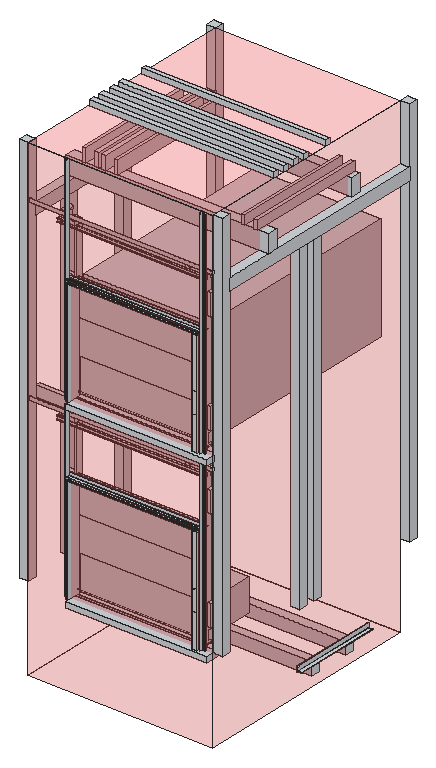
Revit family "SF6000-3U-1方向", category 一般モデル, Revit 2018
Family settings
  鉄筋をホスト可能 = いいえ
  丸型コネクタ寸法 = 直径を使用
  パーツ タイプ = 標準
  作業面ベース = いいえ
  常に垂直 = はい
  ロード時にボイドで切り取り = いいえ
  共有 = いいえ
  部屋計算ポイント = いいえ
Parameters
  昇降行程 = 5000 mm
Reference planes
  plane 1 "レール芯": y = 0
  plane 2 "最下階FL": z = 0
  plane 3 "かご芯": x = 0
  plane 4: z = 5000
  plane 5 "ピット底面": z = -2400
  plane 6: z = 11100
  plane 7: z = 3000
Forms (mm)
  Extrusion 1, solid
    sketch origin (-115, 130, 0) x (1, 0, 0) y (0, 1, 0)
      loop
        line (-2850, 3425) -> (-2850, -3215) -> (2370, -3215) -> (2370, 3425) -> (-2850, 3425)
    from -2400 to 11100
  Extrusion 2, solid
    sketch origin (-188.849, -192.656, 5000) x (1, 0, 0) y (0, 1, 0)
      loop
        line (-1606.151, 3632.656) -> (-1606.151, -2407.344) -> (1983.849, -2407.344) -> (1983.849, 3632.656) -> (-1606.151, 3632.656)
    from 0 to 3000
  Extrusion 3, solid
    sketch origin (-1419.116, 474.003, -69) x (1, 0, 0) y (0, 1, 0)
      loop
        line (-1125.884, 1163.497) -> (-1125.884, 188.497) -> (921.616, 188.497) -> (921.616, 1163.497) -> (-1125.884, 1163.497)
    from -1931 to -1020
  Extrusion 4, solid
    sketch origin (-80.164, 26.744, 0) x (1, 0, 0) y (0, 1, 0)
      loop
        line (2335.164, 388.256) -> (2335.164, 138.256) -> (2585.164, 138.256) -> (2585.164, 388.256) -> (2335.164, 388.256)
    from 0 to 9160
  Extrusion 5, solid
    sketch origin (-55.164, -373.256, 0) x (1, 0, 0) y (0, 1, 0)
      loop
        line (2310.164, 288.256) -> (2310.164, 38.256) -> (2560.164, 38.256) -> (2560.164, 288.256) -> (2310.164, 288.256)
    from 0 to 9160
  Extrusion 6, solid
    sketch origin (148.997, -46.31, 0) x (1, 0, 0) y (0, 1, 0)
      loop
        line (-3363.997, 581.31) -> (-3363.997, 331.31) -> (-3113.997, 331.31) -> (-3113.997, 581.31) -> (-3363.997, 581.31)
    from 0 to 9160
  Extrusion 7, solid
    sketch origin (-181.003, -1846.31, 0) x (1, 0, 0) y (0, 1, 0)
      loop
        line (-3033.997, 481.31) -> (-3033.997, 231.31) -> (-2783.997, 231.31) -> (-2783.997, 481.31) -> (-3033.997, 481.31)
    from 0 to 9160
  Extrusion 8, solid
    sketch origin (0, -154.792, -183.066) x (0, 1, 0) y (0, 0, 1)
      loop
        line (279.792, 11433.066) -> (279.792, 11283.066) -> (429.792, 11283.066) -> (429.792, 11433.066) -> (279.792, 11433.066)
    from -2965 to 2255
  Extrusion 9, solid
    sketch origin (0, -494.792, -183.066) x (0, 1, 0) y (0, 0, 1)
      loop
        line (279.792, 11433.066) -> (279.792, 11283.066) -> (429.792, 11283.066) -> (429.792, 11433.066) -> (279.792, 11433.066)
    from -2965 to 2255
  Extrusion 10, solid
    sketch origin (0, -859.792, -183.066) x (0, 1, 0) y (0, 0, 1)
      loop
        line (279.792, 11433.066) -> (279.792, 11283.066) -> (429.792, 11283.066) -> (429.792, 11433.066) -> (279.792, 11433.066)
    from -2965 to 2255
  Extrusion 11, solid
    sketch origin (0, 635.208, -183.066) x (0, 1, 0) y (0, 0, 1)
      loop
        line (279.792, 11433.066) -> (279.792, 11283.066) -> (429.792, 11283.066) -> (429.792, 11433.066) -> (279.792, 11433.066)
    from -2965 to 2255
  Extrusion 12, solid
    sketch origin (0, -1982.235, 116.596) x (0, 1, 0) y (0, 0, 1)
      loop
        line (-827.765, 4733.404) -> (-827.765, 4433.404) -> (-677.765, 4433.404) -> (-677.765, 4733.404) -> (-827.765, 4733.404)
    from -2965 to 2255
  Extrusion 13, solid
    sketch origin (122.648, -2068.415, 0) x (-1, 0, 0) y (0, -1, 0)
      loop
        line (-1827.352, 1006.585) -> (-1827.352, 1106.585) -> (-1830.352, 1106.585)
        arc (-1830.352, 1106.585) -> (-1835.302, 1104.535) -> (-1837.352, 1099.585) r 7
        line (-1837.352, 1099.585) -> (-1837.352, 1026.585)
        arc (-1837.352, 1026.585) -> (-1840.281, 1019.514) -> (-1847.352, 1016.585) r 10
        line (-1847.352, 1016.585) -> (-1920.352, 1016.585)
        arc (-1920.352, 1016.585) -> (-1925.302, 1014.535) -> (-1927.352, 1009.585) r 7
        line (-1927.352, 1009.585) -> (-1927.352, 1006.585) -> (-1827.352, 1006.585)
    from 0 to 4850
  Extrusion 14, solid
    sketch origin (77.352, -2068.415, 0) x (1, 0, 0) y (0, 1, 0)
      loop
        line (-2000.352, -1016.585) -> (-1927.352, -1016.585)
        arc (-1927.352, -1016.585) -> (-1920.281, -1019.514) -> (-1917.352, -1026.585) r 10
        line (-1917.352, -1026.585) -> (-1917.352, -1099.585)
        arc (-1917.352, -1099.585) -> (-1915.302, -1104.535) -> (-1910.352, -1106.585) r 7
        line (-1910.352, -1106.585) -> (-1907.352, -1106.585) -> (-1907.352, -1006.585) -> (-2007.352, -1006.585) -> (-2007.352, -1009.585)
        arc (-2007.352, -1009.585) -> (-2005.302, -1014.535) -> (-2000.352, -1016.585) r 7
    from 0 to 4850
  Extrusion 15, solid
    sketch origin (322.648, -2068.415, 5000) x (-1, 0, 0) y (0, -1, 0)
      loop
        line (-1627.352, 1006.585) -> (-1627.352, 1106.585) -> (-1630.352, 1106.585)
        arc (-1630.352, 1106.585) -> (-1635.302, 1104.535) -> (-1637.352, 1099.585) r 7
        line (-1637.352, 1099.585) -> (-1637.352, 1026.585)
        arc (-1637.352, 1026.585) -> (-1640.281, 1019.514) -> (-1647.352, 1016.585) r 10
        line (-1647.352, 1016.585) -> (-1720.352, 1016.585)
        arc (-1720.352, 1016.585) -> (-1725.302, 1014.535) -> (-1727.352, 1009.585) r 7
        line (-1727.352, 1009.585) -> (-1727.352, 1006.585) -> (-1627.352, 1006.585)
    from 0 to 6100
  Extrusion 16, solid
    sketch origin (77.352, -2068.415, 5000) x (1, 0, 0) y (0, 1, 0)
      loop
        line (-2007.352, -1006.585) -> (-2007.352, -1009.585)
        arc (-2007.352, -1009.585) -> (-2005.302, -1014.535) -> (-2000.352, -1016.585) r 7
        line (-2000.352, -1016.585) -> (-1927.352, -1016.585)
        arc (-1927.352, -1016.585) -> (-1920.281, -1019.514) -> (-1917.352, -1026.585) r 10
        line (-1917.352, -1026.585) -> (-1917.352, -1099.585)
        arc (-1917.352, -1099.585) -> (-1915.302, -1104.535) -> (-1910.352, -1106.585) r 7
        line (-1910.352, -1106.585) -> (-1907.352, -1106.585) -> (-1907.352, -1006.585) -> (-2007.352, -1006.585)
    from 0 to 6100
  Extrusion 17, solid
    sketch origin (90, -5247.272, 1335.614) x (0, 0, -1) y (0, 1, 0)
      loop
        arc (-1844.386, 2169.272) -> (-1842.335, 2164.322) -> (-1837.386, 2162.272) r 7
        line (-1837.386, 2162.272) -> (-1764.386, 2162.272)
        arc (-1764.386, 2162.272) -> (-1757.315, 2159.343) -> (-1754.386, 2152.272) r 10
        line (-1754.386, 2152.272) -> (-1754.386, 2079.272)
        arc (-1754.386, 2079.272) -> (-1752.335, 2074.322) -> (-1747.386, 2072.272) r 7
        line (-1747.386, 2072.272) -> (-1744.386, 2072.272) -> (-1744.386, 2172.272) -> (-1844.386, 2172.272) -> (-1844.386, 2169.272)
    from -1920 to 1860
  Extrusion 18, solid
    sketch origin (-181.003, 3223.69, 0) x (1, 0, 0) y (0, 1, 0)
      loop
        line (-3033.997, 581.31) -> (-3033.997, 331.31) -> (-2783.997, 331.31) -> (-2783.997, 581.31) -> (-3033.997, 581.31)
    from 0 to 11100
  Extrusion 19, solid
    sketch origin (494.836, 3416.744, 0) x (1, 0, 0) y (0, 1, 0)
      loop
        line (1760.164, 388.256) -> (1760.164, 138.256) -> (2010.164, 138.256) -> (2010.164, 388.256) -> (1760.164, 388.256)
    from 0 to 11100
  Extrusion 20, solid
    sketch origin (-181.003, -3291.31, 0) x (1, 0, 0) y (0, 1, 0)
      loop
        line (-3033.997, 481.31) -> (-3033.997, 231.31) -> (-2783.997, 231.31) -> (-2783.997, 481.31) -> (-3033.997, 481.31)
    from 0 to 11100
  Extrusion 21, solid
    sketch origin (494.836, -3098.256, 0) x (1, 0, 0) y (0, 1, 0)
      loop
        line (1760.164, 288.256) -> (1760.164, 38.256) -> (2010.164, 38.256) -> (2010.164, 288.256) -> (1760.164, 288.256)
    from 0 to 11100
  Extrusion 22, solid
    sketch origin (150, 2391.904, 119.994) x (0, 1, 0) y (0, 0, 1)
      loop
        line (-766.904, -1879.994) -> (-766.904, -2219.994) -> (-516.904, -2219.994) -> (-516.904, -1879.994) -> (-766.904, -1879.994)
    from -3265 to 2105
  Extrusion 23, solid
    sketch origin (150, 1191.904, 119.994) x (0, 1, 0) y (0, 0, 1)
      loop
        line (-766.904, -1879.994) -> (-766.904, -2219.994) -> (-516.904, -2219.994) -> (-516.904, -1879.994) -> (-766.904, -1879.994)
    from -3265 to 2105
  Extrusion 24, solid
    sketch origin (0, -1199.792, -183.066) x (0, 1, 0) y (0, 0, 1)
      loop
        line (279.792, 11433.066) -> (279.792, 11283.066) -> (429.792, 11283.066) -> (429.792, 11433.066) -> (279.792, 11433.066)
    from -2965 to 2255
  Extrusion 25, solid
    sketch origin (0, 946.791, -236.921) x (0, 1, 0) y (0, 0, 1)
      loop
        line (748.209, 10224.921) -> (748.209, 9736.921) -> (1048.209, 9736.921) -> (1048.209, 10224.921) -> (748.209, 10224.921)
    from -3215 to 2355
  Extrusion 26, solid
    sketch origin (0, -2228.209, -236.921) x (0, 1, 0) y (0, 0, 1)
      loop
        line (798.209, 10224.921) -> (798.209, 9736.921) -> (1098.209, 9736.921) -> (1098.209, 10224.921) -> (798.209, 10224.921)
    from -3215 to 2505
  Extrusion 27, solid
    sketch origin (582.993, 0, 645.444) x (1, 0, 0) y (0, 0, 1)
      loop
        line (1672.007, 8854.556) -> (1672.007, 8514.556) -> (1922.007, 8514.556) -> (1922.007, 8854.556) -> (1672.007, 8854.556)
    from -3555 to 2810
  Extrusion 28, solid
    sketch origin (-4887.007, 0, -304.556) x (1, 0, 0) y (0, 0, 1)
      loop
        line (1672.007, 9804.556) -> (1672.007, 9464.556) -> (1922.007, 9464.556) -> (1922.007, 9804.556) -> (1672.007, 9804.556)
    from -3555 to 2810
  Extrusion 29, solid
    sketch origin (90, -5402.272, 6835.614) x (0, 0, -1) y (0, 1, 0)
      loop
        arc (-1254.386, 2234.272) -> (-1252.335, 2229.322) -> (-1247.386, 2227.272) r 7
        line (-1247.386, 2227.272) -> (-1244.386, 2227.272) -> (-1244.386, 2327.272) -> (-1344.386, 2327.272) -> (-1344.386, 2324.272)
        arc (-1344.386, 2324.272) -> (-1342.335, 2319.322) -> (-1337.386, 2317.272) r 7
        line (-1337.386, 2317.272) -> (-1264.386, 2317.272)
        arc (-1264.386, 2317.272) -> (-1257.315, 2314.343) -> (-1254.386, 2307.272) r 10
        line (-1254.386, 2307.272) -> (-1254.386, 2234.272)
    from -1920 to 1860
  Extrusion 30, solid
    sketch origin (0, -1037.728, 6220.614) x (0, 0, -1) y (0, 1, 0)
      loop
        arc (-3389.386, -2017.272) -> (-3392.315, -2024.343) -> (-3399.386, -2027.272) r 10
        line (-3399.386, -2027.272) -> (-3472.386, -2027.272)
        arc (-3472.386, -2027.272) -> (-3477.335, -2029.322) -> (-3479.386, -2034.272) r 7
        line (-3479.386, -2034.272) -> (-3479.386, -2037.272) -> (-3379.386, -2037.272) -> (-3379.386, -1937.272) -> (-3382.386, -1937.272)
        arc (-3382.386, -1937.272) -> (-3387.335, -1939.322) -> (-3389.386, -1944.272) r 7
        line (-3389.386, -1944.272) -> (-3389.386, -2017.272)
    from -2965 to 2255
  Extrusion 31, solid
    sketch origin (-773.115, 2400, 115) x (1, 0, 0) y (0, 0, 1)
      loop
        arc (-2203.885, -1851) -> (-2207.4, -1859.485) -> (-2215.885, -1863) r 12
        line (-2215.885, -1863) -> (-2315.885, -1863)
        arc (-2315.885, -1863) -> (-2320.128, -1864.757) -> (-2321.885, -1869) r 6
        line (-2321.885, -1869) -> (-2321.885, -1875) -> (-2191.885, -1875) -> (-2191.885, -1745) -> (-2197.885, -1745)
        arc (-2197.885, -1745) -> (-2202.128, -1746.757) -> (-2203.885, -1751) r 6
        line (-2203.885, -1751) -> (-2203.885, -1851)
    from 0 to 2500
  Extrusion 32, solid
    sketch origin (63.115, 2400, 115) x (-1, 0, 0) y (0, 0, -1)
      loop
        arc (-2203.885, 1751) -> (-2202.128, 1746.757) -> (-2197.885, 1745) r 6
        line (-2197.885, 1745) -> (-2191.885, 1745) -> (-2191.885, 1875) -> (-2321.885, 1875) -> (-2321.885, 1869)
        arc (-2321.885, 1869) -> (-2320.128, 1864.757) -> (-2315.885, 1863) r 6
        line (-2315.885, 1863) -> (-2215.885, 1863)
        arc (-2215.885, 1863) -> (-2207.4, 1859.485) -> (-2203.885, 1851) r 12
        line (-2203.885, 1851) -> (-2203.885, 1751)
    from 0 to 2500
  Extrusion 33, solid
    sketch origin (-177.393, 0, -203.596) x (1, 0, 0) y (0, 0, 1)
      loop
        line (2277.393, 10441.596) -> (2277.393, 10191.596) -> (2377.393, 10191.596) -> (2377.393, 10441.596) -> (2277.393, 10441.596)
    from -1995 to 1430
  Extrusion 34, solid
    sketch origin (-507.393, 0, -203.596) x (1, 0, 0) y (0, 0, 1)
      loop
        line (2257.393, 10441.596) -> (2257.393, 10191.596) -> (2357.393, 10191.596) -> (2357.393, 10441.596) -> (2257.393, 10441.596)
    from -1995 to 1430
  Extrusion 35, solid
    sketch origin (-941.32, 0, -266.523) x (1, 0, 0) y (0, 0, 1)
      loop
        line (-1808.68, 10634.523) -> (-1808.68, 10254.523) -> (-1708.68, 10254.523) -> (-1708.68, 10634.523) -> (-1808.68, 10634.523)
    from -1995 to 1430
  Extrusion 36, solid
    sketch origin (-601.32, 0, -266.523) x (1, 0, 0) y (0, 0, 1)
      loop
        line (-1798.68, 10634.523) -> (-1798.68, 10254.523) -> (-1698.68, 10254.523) -> (-1698.68, 10634.523) -> (-1798.68, 10634.523)
    from -1995 to 1430
  Extrusion 37, solid
    sketch origin (-391.32, 0, -266.523) x (1, 0, 0) y (0, 0, 1)
      loop
        line (-1808.68, 10634.523) -> (-1808.68, 10254.523) -> (-1708.68, 10254.523) -> (-1708.68, 10634.523) -> (-1808.68, 10634.523)
    from -1995 to 1430
  Extrusion 38, solid
    sketch origin (-51.32, 0, -266.523) x (1, 0, 0) y (0, 0, 1)
      loop
        line (-1798.68, 10634.523) -> (-1798.68, 10254.523) -> (-1698.68, 10254.523) -> (-1698.68, 10634.523) -> (-1798.68, 10634.523)
    from -1995 to 1430
  Extrusion 39, solid
    sketch origin (0, -220, 1520) x (0, 1, 0) y (0, 0, 1)
      loop
        arc (-2835, 3090) -> (-2842.071, 3092.929) -> (-2845, 3100) r 10
        line (-2845, 3100) -> (-2845, 3173)
        arc (-2845, 3173) -> (-2847.05, 3177.95) -> (-2852, 3180) r 7
        line (-2852, 3180) -> (-2855, 3180) -> (-2855, 3080) -> (-2755, 3080) -> (-2755, 3083)
        arc (-2755, 3083) -> (-2757.05, 3087.95) -> (-2762, 3090) r 7
        line (-2762, 3090) -> (-2835, 3090)
    from -2965 to 2255
Dimensions and locks
  "昇降行程": plane 4 to plane 2 "最下階FL"
  plane 6 to plane 4 = 6100 mm
  locked: Extrusion 2 to plane 4 at 3000
  locked: plane 4 to Extrusion 13 at 150
  locked: Extrusion 27 to plane 4 at 4160
  aligned and locked: level to plane 2 "最下階FL"
  aligned and locked: Extrusion 1 to plane 5 "ピット底面"
  aligned and locked: Extrusion 2 to plane 4
  aligned and locked: Extrusion 5 to plane 2 "最下階FL"
  aligned and locked: Extrusion 4 to plane 2 "最下階FL"
  aligned and locked: Extrusion 7 to Extrusion 1
  aligned and locked: Extrusion 4 to Extrusion 1
  aligned and locked: Extrusion 5 to Extrusion 1
  aligned and locked: Extrusion 7 to plane 2 "最下階FL"
  aligned and locked: Extrusion 8 to Extrusion 1
  aligned and locked: Extrusion 1 to Extrusion 8  (x2)
  aligned and locked: Extrusion 1 to Extrusion 10  (x2)
  aligned and locked: Extrusion 1 to Extrusion 11  (x2)
  aligned and locked: Extrusion 10 to Extrusion 1
  aligned and locked: Extrusion 9 to Extrusion 1
  aligned and locked: Extrusion 11 to Extrusion 1
  aligned and locked: Extrusion 1 to Extrusion 12  (x2)
  aligned and locked: Extrusion 1 to Extrusion 9  (x2)
  aligned and locked: Extrusion 15 to Extrusion 16
  aligned and locked: Extrusion 16 to plane 4
  aligned and locked: Extrusion 15 to plane 4
  aligned and locked: Extrusion 1 to plane 6
  aligned and locked: plane 6 to Extrusion 15
  aligned and locked: plane 6 to Extrusion 16
  aligned and locked: Extrusion 14 to Extrusion 13
  aligned and locked: Extrusion 19 to Extrusion 1
  aligned and locked: Extrusion 1 to Extrusion 21
  aligned and locked: Extrusion 18 to Extrusion 1
  aligned and locked: Extrusion 1 to Extrusion 20
  aligned and locked: Extrusion 4 to Extrusion 27
  aligned and locked: Extrusion 5 to Extrusion 27
  aligned and locked: Extrusion 7 to Extrusion 27
  aligned and locked: Extrusion 6 to Extrusion 4
  aligned and locked: Extrusion 1 to Extrusion 24  (x2)
  aligned and locked: plane 4 to nested 2
Automatic sketch dimensions
  Extrusion 1 sketch curve to plane 3 "かご芯" = 2965 mm
  plane 3 "かご芯" to Extrusion 1 sketch curve = 2255 mm
  plane 1 "レール芯" to Extrusion 1 sketch curve = 3085 mm
  Extrusion 1 sketch curve to plane 1 "レール芯" = 3555 mm
  Extrusion 2 sketch curve to plane 3 "かご芯" = 1795 mm
  plane 3 "かご芯" to Extrusion 2 sketch curve = 1795 mm
  plane 1 "レール芯" to Extrusion 2 sketch curve = 2600 mm
  Extrusion 2 sketch curve to plane 1 "レール芯" = 3440 mm
  Extrusion 3 sketch curve to plane 1 "レール芯" = 662.5 mm
  Extrusion 3 sketch curve to plane 3 "かご芯" = 2545 mm
  Extrusion 3 sketch curve to plane 3 "かご芯" = 497.5 mm
  Extrusion 3 sketch curve to Extrusion 3 sketch curve = 975 mm
  Extrusion 4 sketch curve to plane 1 "レール芯" = 165 mm
  plane 3 "かご芯" to Extrusion 4 sketch curve = 2255 mm
  Extrusion 4 sketch curve to Extrusion 4 sketch curve = 250 mm  (x2)
  plane 1 "レール芯" to Extrusion 5 sketch curve = 335 mm
  plane 3 "かご芯" to Extrusion 5 sketch curve = 2255 mm
  Extrusion 5 sketch curve to Extrusion 5 sketch curve = 250 mm
  plane 1 "レール芯" to Extrusion 5 sketch curve = 85 mm
  Extrusion 6 sketch curve to plane 1 "レール芯" = 285 mm
  Extrusion 6 sketch curve to plane 3 "かご芯" = 3215 mm
  Extrusion 6 sketch curve to Extrusion 6 sketch curve = 250 mm  (x2)
  Extrusion 7 sketch curve to plane 3 "かご芯" = 3215 mm
  Extrusion 7 sketch curve to Extrusion 7 sketch curve = 250 mm  (x2)
  plane 1 "レール芯" to Extrusion 7 sketch curve = 1615 mm
  Extrusion 8 sketch curve to plane 6 = 0 mm
  Extrusion 8 sketch curve to plane 1 "レール芯" = 125 mm
  Extrusion 8 sketch curve to Extrusion 8 sketch curve = 150 mm
  plane 6 to Extrusion 8 sketch curve = 150 mm
  Extrusion 9 sketch curve to plane 6 = 0 mm
  plane 1 "レール芯" to Extrusion 9 sketch curve = 215 mm
  plane 1 "レール芯" to Extrusion 9 sketch curve = 65 mm
  plane 6 to Extrusion 9 sketch curve = 150 mm
  Extrusion 10 sketch curve to plane 6 = 0 mm
  plane 1 "レール芯" to Extrusion 10 sketch curve = 580 mm
  Extrusion 10 sketch curve to Extrusion 10 sketch curve = 150 mm
  plane 6 to Extrusion 10 sketch curve = 150 mm
  Extrusion 11 sketch curve to plane 6 = 0 mm
  Extrusion 11 sketch curve to plane 1 "レール芯" = 915 mm
  Extrusion 11 sketch curve to Extrusion 11 sketch curve = 150 mm
  plane 6 to Extrusion 11 sketch curve = 150 mm
  Extrusion 12 sketch curve to plane 4 = 450 mm
  plane 1 "レール芯" to Extrusion 12 sketch curve = 2810 mm
  Extrusion 12 sketch curve to Extrusion 12 sketch curve = 150 mm
  Extrusion 12 sketch curve to plane 4 = 150 mm
  Extrusion 18 sketch curve to plane 3 "かご芯" = 3215 mm
  Extrusion 18 sketch curve to Extrusion 18 sketch curve = 250 mm  (x2)
  Extrusion 18 sketch curve to plane 1 "レール芯" = 3555 mm
  plane 3 "かご芯" to Extrusion 19 sketch curve = 2255 mm
  Extrusion 19 sketch curve to Extrusion 19 sketch curve = 250 mm  (x2)
  Extrusion 19 sketch curve to plane 1 "レール芯" = 3555 mm
  Extrusion 20 sketch curve to plane 3 "かご芯" = 3215 mm
  Extrusion 20 sketch curve to Extrusion 20 sketch curve = 250 mm  (x2)
  plane 1 "レール芯" to Extrusion 20 sketch curve = 3060 mm
  plane 3 "かご芯" to Extrusion 21 sketch curve = 2255 mm
  Extrusion 21 sketch curve to Extrusion 21 sketch curve = 250 mm  (x2)
  plane 1 "レール芯" to Extrusion 21 sketch curve = 3060 mm
  plane 5 "ピット底面" to Extrusion 22 sketch curve = 300 mm
  Extrusion 22 sketch curve to plane 1 "レール芯" = 1625 mm
  Extrusion 22 sketch curve to Extrusion 22 sketch curve = 250 mm
  Extrusion 22 sketch curve to Extrusion 22 sketch curve = 340 mm
  Extrusion 23 sketch curve to plane 1 "レール芯" = 425 mm
  Extrusion 23 sketch curve to Extrusion 23 sketch curve = 250 mm
  plane 5 "ピット底面" to Extrusion 23 sketch curve = 300 mm
  Extrusion 23 sketch curve to Extrusion 23 sketch curve = 340 mm
  Extrusion 24 sketch curve to plane 6 = 0 mm
  plane 1 "レール芯" to Extrusion 24 sketch curve = 920 mm
  Extrusion 24 sketch curve to Extrusion 24 sketch curve = 150 mm
  plane 6 to Extrusion 24 sketch curve = 150 mm
  Extrusion 25 sketch curve to plane 1 "レール芯" = 1695 mm
  Extrusion 25 sketch curve to Extrusion 25 sketch curve = 300 mm
  Extrusion 25 sketch curve to plane 6 = 1600 mm
  Extrusion 25 sketch curve to Extrusion 25 sketch curve = 488 mm
  plane 1 "レール芯" to Extrusion 26 sketch curve = 1430 mm
  Extrusion 26 sketch curve to Extrusion 26 sketch curve = 300 mm
  Extrusion 26 sketch curve to plane 6 = 1600 mm
  Extrusion 26 sketch curve to Extrusion 26 sketch curve = 488 mm
  plane 3 "かご芯" to Extrusion 27 sketch curve = 2255 mm
  Extrusion 27 sketch curve to Extrusion 27 sketch curve = 250 mm
  Extrusion 27 sketch curve to plane 6 = 1940 mm
  Extrusion 27 sketch curve to Extrusion 27 sketch curve = 340 mm
  Extrusion 28 sketch curve to plane 3 "かご芯" = 3215 mm
  Extrusion 28 sketch curve to Extrusion 28 sketch curve = 250 mm
  Extrusion 28 sketch curve to plane 6 = 1940 mm
  Extrusion 28 sketch curve to Extrusion 28 sketch curve = 340 mm
  plane 3 "かご芯" to Extrusion 33 sketch curve = 2100 mm
  Extrusion 33 sketch curve to Extrusion 33 sketch curve = 100 mm
  Extrusion 33 sketch curve to plane 6 = 1112 mm
  Extrusion 33 sketch curve to Extrusion 33 sketch curve = 250 mm
  plane 3 "かご芯" to Extrusion 34 sketch curve = 1750 mm
  Extrusion 34 sketch curve to Extrusion 34 sketch curve = 100 mm
  Extrusion 34 sketch curve to plane 6 = 1112 mm
  Extrusion 34 sketch curve to Extrusion 34 sketch curve = 250 mm
  Extrusion 35 sketch curve to plane 6 = 1112 mm
  Extrusion 35 sketch curve to plane 3 "かご芯" = 2750 mm
  Extrusion 35 sketch curve to Extrusion 35 sketch curve = 100 mm
  Extrusion 35 sketch curve to Extrusion 35 sketch curve = 380 mm
  Extrusion 36 sketch curve to plane 6 = 1112 mm
  Extrusion 36 sketch curve to plane 3 "かご芯" = 2400 mm
  Extrusion 36 sketch curve to Extrusion 36 sketch curve = 100 mm
  Extrusion 36 sketch curve to Extrusion 36 sketch curve = 380 mm
  Extrusion 37 sketch curve to plane 3 "かご芯" = 2200 mm
  Extrusion 37 sketch curve to Extrusion 37 sketch curve = 100 mm
  Extrusion 37 sketch curve to plane 6 = 1112 mm
  Extrusion 37 sketch curve to Extrusion 37 sketch curve = 380 mm
  Extrusion 38 sketch curve to plane 3 "かご芯" = 1850 mm
  Extrusion 38 sketch curve to Extrusion 38 sketch curve = 100 mm
  Extrusion 38 sketch curve to plane 6 = 1112 mm
  Extrusion 38 sketch curve to Extrusion 38 sketch curve = 380 mm
  plane 5 "ピット底面" to Extrusion 32 sketch curve = 646 mm
  plane 3 "かご芯" to Extrusion 32 sketch curve = 2385 mm
  Extrusion 32 sketch curve to Extrusion 32 sketch curve = 6 mm  (x4)
  Extrusion 32 sketch curve to Extrusion 32 sketch curve = 100 mm  (x2)
  Extrusion 32 sketch curve to Extrusion 32 sketch curve = 12 mm
  plane 5 "ピット底面" to Extrusion 31 sketch curve = 640 mm
  Extrusion 31 sketch curve to plane 3 "かご芯" = 3095 mm
  Extrusion 31 sketch curve to Extrusion 31 sketch curve = 6 mm  (x4)
  Extrusion 31 sketch curve to Extrusion 31 sketch curve = 100 mm  (x2)
  Extrusion 31 sketch curve to Extrusion 31 sketch curve = 12 mm
  Extrusion 17 sketch curve to plane 7 = 180 mm
  Extrusion 17 sketch curve to Extrusion 17 sketch curve = 7 mm  (x2)
  Extrusion 17 sketch curve to Extrusion 17 sketch curve = 73 mm  (x2)
  Extrusion 17 sketch curve to Extrusion 17 sketch curve = 10 mm  (x2)
  plane 1 "レール芯" to Extrusion 17 sketch curve = 3175 mm
  Extrusion 17 sketch curve to Extrusion 17 sketch curve = 3 mm
  plane 4 to Extrusion 29 sketch curve = 3180 mm
  Extrusion 29 sketch curve to Extrusion 29 sketch curve = 7 mm  (x2)
  Extrusion 29 sketch curve to Extrusion 29 sketch curve = 73 mm  (x2)
  Extrusion 29 sketch curve to Extrusion 29 sketch curve = 10 mm
  Extrusion 29 sketch curve to Extrusion 29 sketch curve = 3 mm  (x2)
  plane 1 "レール芯" to Extrusion 29 sketch curve = 3175 mm
  plane 6 to Extrusion 30 sketch curve = 1400 mm
  Extrusion 30 sketch curve to Extrusion 30 sketch curve = 7 mm  (x2)
  Extrusion 30 sketch curve to Extrusion 30 sketch curve = 73 mm  (x2)
  Extrusion 30 sketch curve to Extrusion 30 sketch curve = 10 mm  (x2)
  Extrusion 30 sketch curve to Extrusion 30 sketch curve = 3 mm
  Extrusion 30 sketch curve to plane 1 "レール芯" = 2975 mm
  Extrusion 15 sketch curve to plane 3 "かご芯" = 2050 mm
  Extrusion 15 sketch curve to Extrusion 15 sketch curve = 7 mm  (x2)
  Extrusion 15 sketch curve to Extrusion 15 sketch curve = 73 mm  (x2)
  Extrusion 15 sketch curve to Extrusion 15 sketch curve = 10 mm
  Extrusion 15 sketch curve to Extrusion 15 sketch curve = 3 mm
  Extrusion 15 sketch curve to plane 1 "レール芯" = 3175 mm
  Extrusion 15 sketch curve to Extrusion 15 sketch curve = 20 mm
  Extrusion 13 sketch curve to plane 3 "かご芯" = 2050 mm
  Extrusion 13 sketch curve to Extrusion 13 sketch curve = 7 mm  (x2)
  Extrusion 13 sketch curve to Extrusion 13 sketch curve = 73 mm  (x2)
  Extrusion 13 sketch curve to Extrusion 13 sketch curve = 10 mm
  Extrusion 13 sketch curve to Extrusion 13 sketch curve = 3 mm
  Extrusion 13 sketch curve to plane 1 "レール芯" = 3175 mm
  Extrusion 13 sketch curve to Extrusion 13 sketch curve = 20 mm
  Extrusion 16 sketch curve to plane 3 "かご芯" = 1930 mm
  Extrusion 16 sketch curve to Extrusion 16 sketch curve = 7 mm  (x2)
  Extrusion 16 sketch curve to Extrusion 16 sketch curve = 73 mm  (x2)
  Extrusion 16 sketch curve to Extrusion 16 sketch curve = 10 mm  (x2)
  Extrusion 16 sketch curve to Extrusion 16 sketch curve = 20 mm
  plane 1 "レール芯" to Extrusion 16 sketch curve = 3175 mm
  Extrusion 14 sketch curve to plane 3 "かご芯" = 1930 mm
  Extrusion 14 sketch curve to Extrusion 14 sketch curve = 7 mm  (x2)
  Extrusion 14 sketch curve to Extrusion 14 sketch curve = 73 mm  (x2)
  Extrusion 14 sketch curve to Extrusion 14 sketch curve = 10 mm
  Extrusion 14 sketch curve to Extrusion 14 sketch curve = 3 mm  (x2)
  plane 1 "レール芯" to Extrusion 14 sketch curve = 3175 mm
  Extrusion 39 sketch curve to Extrusion 39 sketch curve = 3 mm  (x2)
  Extrusion 39 sketch curve to Extrusion 39 sketch curve = 7 mm  (x2)
  Extrusion 39 sketch curve to Extrusion 39 sketch curve = 10 mm
  Extrusion 39 sketch curve to Extrusion 39 sketch curve = 73 mm  (x2)
  Extrusion 39 sketch curve to plane 7 = 1600 mm
  plane 1 "レール芯" to Extrusion 39 sketch curve = 3075 mm
Nested families
  nested 1: "3U" at (0, -2630, 0), type "3U"
    with 戸袋 1320 mm, 壁外～敷居先端 555 mm, 出入口高さ 3000 mm, 出入口幅 3500 mm
  nested 2: "3U" at (0, -2630, 5000), type "3U"
    with 戸袋 1320 mm, 壁外～敷居先端 555 mm, 出入口高さ 3000 mm, 出入口幅 3500 mm
Definition of nested family "3U"
  Parameters (values of type "3U")
    戸袋 = 1120 mm
    壁外～敷居先端 = 480 mm
    出入口高さ = 2400 mm
    出入口幅 = 2500 mm
  Reference planes
    plane 1 "敷居先端": y = 0
    plane 2: z = 0
    plane 3 "中心(左/右)": x = 0
    plane 4: x = 1250
    plane 5: x = -1250
    plane 6: z = 2400
    plane 7: z = 800
    plane 8 "出入口高さ": z = 3520
    plane 9: z = 3500
    plane 10: x = 789
    plane 11: z = 3530
    plane 12: x = -1406
    plane 13: z = 3622.5
    plane 14: x = -1850
    plane 15: x = -1755
    plane 16: z = 3680
    plane 17: z = 2470
    plane 18: y = -480
    plane 19: x = -1330
    plane 20: x = 1450
    plane 21: z = 2480
    plane 22: z = 1600
    plane 23: x = -1387
  Forms (mm)
    Extrusion 1, solid
      sketch origin (0, 0, 0) x (1, 0, 0) y (0, 1, 0)
        loop
          line (-1270, -45) -> (-1270, -87) -> (1270, -87) -> (1270, -45) -> (-1270, -45)
      from 0 to 830
    Extrusion 2, solid
      sketch origin (0, 0, 0) x (1, 0, 0) y (0, 1, 0)
        loop
          line (-1270, -95) -> (-1270, -137) -> (1270, -137) -> (1270, -95) -> (-1270, -95)
      from 800 to 1630
    Extrusion 3, solid
      sketch origin (0, 0, 0) x (1, 0, 0) y (0, 1, 0)
        loop
          line (-1300, -195) -> (-1300, -196.6) -> (-1251.6, -196.6) -> (-1251.6, -488.4) -> (-1278.4, -488.4) -> (-1278.4, -460) -> (-1280, -460) -> (-1280, -490) -> (-1250, -490) -> (-1250, -195) -> (-1300, -195)
      from 0 to 2400
    Extrusion 4, solid
      sketch origin (0, 0, 0) x (1, 0, 0) y (0, 1, 0)
        loop
          line (1300, -195) -> (1250, -195) -> (1250, -490) -> (1400, -490) -> (1400, -460) -> (1398.4, -460) -> (1398.4, -488.4) -> (1251.6, -488.4) -> (1251.6, -196.6) -> (1300, -196.6) -> (1300, -195)
      from 0 to 2400
    Extrusion 5, solid
      sketch origin (0, 0, -10) x (0, 1, 0) y (0, 0, 1)
        loop
          line (-30, 10) -> (-580, 10) -> (-580, -140) -> (-30, -140) -> (-30, 10)
      from -1750 to 1750
    Extrusion 6, void
      sketch origin (0, 0, 0) x (0, 1, 0) y (0, 0, 1)
        loop
          line (-310, 0) -> (-310, -60) -> (-30, -60) -> (-30, 0) -> (-310, 0)
      from -1750 to 1750
    Extrusion 7, solid
      sketch origin (0, 0, 0) x (0, 1, 0) y (0, 0, 1)
        loop
          line (-230, 0) -> (-230, -4.5) -> (0, -4.5) -> (0, 0) -> (-230, 0)
      from -1412 to 1412
    Extrusion 8, solid
      sketch origin (0, -75, 0) x (0, 1, 0) y (0, 0, 1)
        loop
          arc (-150, -14) -> (-148.682, -10.818) -> (-145.5, -9.5) r 4.5
          line (-145.5, -9.5) -> (-118, -9.5)
          arc (-118, -9.5) -> (-115.879, -8.621) -> (-115, -6.5) r 3
          line (-115, -6.5) -> (-115, -4.5) -> (-155, -4.5) -> (-155, -44.5) -> (-153, -44.5)
          arc (-153, -44.5) -> (-150.879, -43.621) -> (-150, -41.5) r 3
          line (-150, -41.5) -> (-150, -14)
      from -1412 to 1412
    Extrusion 9, solid
      sketch origin (0, 0, 0) x (0, 1, 0) y (0, 0, 1)
        loop
          line (-10, -14) -> (-10, -41.5)
          arc (-10, -41.5) -> (-9.121, -43.621) -> (-7, -44.5) r 3
          line (-7, -44.5) -> (-5, -44.5) -> (-5, -4.5) -> (-45, -4.5) -> (-45, -6.5)
          arc (-45, -6.5) -> (-44.121, -8.621) -> (-42, -9.5) r 3
          line (-42, -9.5) -> (-14.5, -9.5)
          arc (-14.5, -9.5) -> (-11.318, -10.818) -> (-10, -14) r 4.5
      from -1412 to 1412
    Extrusion 10, solid
      sketch origin (0, 0, 0) x (0, 1, 0) y (0, 0, 1)
        loop
          line (-40.028, 3420) -> (0, 3420) -> (0, 3424.5) -> (-35.5, 3424.5) -> (-35.5, 3515.5) -> (0, 3515.5) -> (0, 3520) -> (-40.028, 3520) -> (-40.028, 3420)
      from -1850 to 1362
    Extrusion 11, solid
      sketch origin (0, 0, 0) x (0, 1, 0) y (0, 0, 1)
        loop
          line (-225.055, 3526) -> (-225.055, 3520) -> (74.9, 3520) -> (74.9, 3526) -> (-225.055, 3526)
      from -1850 to -1660
    Extrusion 12, solid
      sketch origin (0, 0, 0) x (0, 1, 0) y (0, 0, 1)
        loop
          line (-460, 2430) -> (-490, 2430) -> (-490, 2400) -> (-195, 2400) -> (-195, 2401.6) -> (-488.4, 2401.6) -> (-488.4, 2428.4) -> (-460, 2428.4) -> (-460, 2430)
      from -1280 to 1400
    Extrusion 13, solid
      sketch origin (-22.601, -148.434, 0) x (1, 0, 0) y (0, 1, 0)
        loop
          line (1312.601, 108.406) -> (1312.601, -41.594) -> (1384.601, -41.594) -> (1384.601, 108.406) -> (1312.601, 108.406)
      from 0 to 3520
    Extrusion 14, solid
      sketch origin (-3174.601, -148.434, 0) x (1, 0, 0) y (0, 1, 0)
        loop
          line (1812.601, 108.406) -> (1812.601, -41.594) -> (1884.601, -41.594) -> (1884.601, 108.406) -> (1812.601, 108.406)
      from 0 to 3520
    Extrusion 15, solid
      sketch origin (0, 0, -550) x (-1, 0, 0) y (0, 0, -1)
        loop
          circle (-789, -4080) r 61
      from 90.028 to 140.028
    Extrusion 16, solid
      sketch origin (0, 0, -550) x (1, 0, 0) y (0, 0, 1)
        loop
          circle (-1406, 4172.5) r 81
      from 90.028 to 160
    Extrusion 17, solid
      sketch origin (0, -50.1, -550) x (1, 0, 0) y (0, 0, 1)
        loop
          circle (-1755, 4230) r 60
      from -205.9 to 20.6
    Extrusion 18, solid
      sketch origin (0, 0, 2450) x (1, 0, 0) y (0, 1, 0)
        loop
          line (-1587, -62.028) -> (-1587, -218) -> (-1387, -218) -> (-1387, -62.028) -> (-1587, -62.028)
      from -850 to 150
    Extrusion 19, solid
      sketch origin (229.034, -79.666, 4076) x (1, 0, 0) y (0, 1, 0)
        loop
          line (-2074.034, 154.566) -> (-2074.034, -45.434) -> (-1894.034, -45.434) -> (-1894.034, 154.566) -> (-2074.034, 154.566)
      from -550 to -396
    Extrusion 20, solid
      sketch origin (2782.417, -417.994, 75) x (1, 0, 0) y (0, 1, 0)
        loop
          line (-1420.417, 373.067) -> (-1420.417, 283.067) -> (-1382.217, 283.067) -> (-1382.217, 373.067) -> (-1420.417, 373.067)
      from 0 to 255
    Extrusion 21, solid
      sketch origin (-286.199, -145.163, 445) x (1, 0, 0) y (0, 1, 0)
        loop
          line (1648.199, 105.135) -> (1648.199, -44.837) -> (1778.199, -44.837) -> (1778.199, 105.135) -> (1648.199, 105.135)
      from 0 to 600
    Extrusion 22, solid
      sketch origin (-286.199, -145.163, 2827) x (1, 0, 0) y (0, 1, 0)
        loop
          line (1648.199, 105.135) -> (1648.199, -44.837) -> (1778.199, -44.837) -> (1778.199, 105.135) -> (1648.199, 105.135)
      from -100 to 500
    Extrusion 23, solid
      sketch origin (142.65, 0, -207.206) x (1, 0, 0) y (0, 0, 1)
        loop
          line (-1638.65, 3829.706) -> (-1638.65, 3727.206) -> (-1458.65, 3727.206) -> (-1458.65, 3829.706) -> (-1638.65, 3829.706)
      from 0 to 230.055
    Extrusion 24, solid
      sketch origin (520, -163, 962.5) x (1, 0, 0) y (0, 1, 0)
        loop
          line (740, -327) -> (740, -330) -> (870, -330) -> (870, -327) -> (740, -327)
      from 0 to 590
    Extrusion 25, solid
      sketch origin (0, -230.055, 0) x (0, -1, 0) y (0, 0, -1)
        loop
          line (-40.028, -3420) -> (-40.028, -3520) -> (0, -3520) -> (0, -3515.5) -> (-35.5, -3515.5) -> (-35.5, -3424.5) -> (0, -3424.5) -> (0, -3420) -> (-40.028, -3420)
      from -1850 to 1362
    Extrusion 26, solid
      sketch origin (0, -50, 0) x (1, 0, 0) y (0, 1, 0)
        loop
          line (-1270, -95) -> (-1270, -137) -> (1270, -137) -> (1270, -95) -> (-1270, -95)
      from 1600 to 2430
  Cuts and joins
    Extrusion 6 cuts Extrusion 1
    Extrusion 6 cuts Extrusion 5
  Lines and regions (mm)
    reference lines
      curve 1: line (1250, -10, 0) -> (1362, -10, 0)
    symbolic lines
      curve 2: line (0, -490, 0) -> (0, -195, 0)
  Dimensions and locks
    "出入口幅": plane 5 to plane 4
    equal spacing: plane 5, plane 3 "中心(左/右)", plane 4
    "出入口高さ": plane 6 to level
    locked: Extrusion 1 to plane 7 at 30
    locked: plane 4 to Extrusion 1 at 20
    locked: Extrusion 2 to plane 5 at 20
    locked: plane 4 to Extrusion 7 at 162
    locked: Extrusion 7 to plane 5 at 162
    "戸袋": plane 8 "出入口高さ" to plane 6
    locked: plane 4 to Extrusion 10 at 112
    locked: plane 9 to plane 8 "出入口高さ" at 20
    locked: Extrusion 12 to plane 5 at 30
    locked: plane 4 to Extrusion 12 at 150
    locked: plane 11 to plane 8 "出入口高さ" at 10
    locked: plane 4 to plane 10 at 461
    locked: plane 13 to plane 8 "出入口高さ" at 102.5
    locked: plane 14 to Extrusion 11 at 190
    locked: plane 14 to plane 5 at 600
    locked: plane 14 to plane 12 at 444
    locked: plane 16 to plane 8 "出入口高さ" at 160
    locked: plane 14 to plane 15 at 95
    locked: plane 4 to cut or joined group of Extrusion 5, Extrusion 6 at 500
    cut or joined group of Extrusion 5, Extrusion 6 to plane 5 = 500 mm
    locked: plane 6 to plane 17 at 70
    locked: plane 18 to Extrusion 3 at 10
    locked: plane 18 to Extrusion 4 at 10
    locked: plane 18 to cut or joined group of Extrusion 5, Extrusion 6 at 100
    locked: Extrusion 12 to plane 18 at 10
    locked: Extrusion 22 to Extrusion 22 at 600
    locked: plane 6 to Extrusion 22 at 327
    locked: Extrusion 11 to plane 8 "出入口高さ" at 6
    locked: plane 16 to Extrusion 11 at 154
    locked: cut or joined group of Extrusion 5, Extrusion 6 to cut or joined group of Extrusion 5, Extrusion 6 at 280
    locked: plane 19 to plane 5 at 80
    locked: plane 4 to plane 20 at 200
    locked: plane 21 to plane 6 at 80
    locked: Extrusion 26 to plane 6 at 30
    locked: Extrusion 2 to plane 22 at 30
    equal spacing: plane 6, plane 22, plane 7, level
    locked: Extrusion 18 to plane 22 at 1000
    locked: Extrusion 8 to plane 1 "敷居先端" at 230
    "壁外～敷居先端": plane 18 to plane 1 "敷居先端"
    aligned and locked: level to plane 2
    aligned and locked: Extrusion 2 to plane 7
    aligned and locked: plane 5 to Extrusion 3
    aligned and locked: plane 4 to Extrusion 4
    aligned and locked: plane 6 to Extrusion 4
    aligned and locked: Extrusion 4 to plane 6
    aligned and locked: plane 6 to Extrusion 3
    aligned and locked: Extrusion 7 to plane 1 "敷居先端"
    aligned and locked: Extrusion 7 to Extrusion 8  (x2)
    aligned and locked: Extrusion 7 to Extrusion 9  (x2)
    aligned and locked: Extrusion 8 to Extrusion 7
    aligned and locked: plane 8 "出入口高さ" to Extrusion 10
    aligned and locked: Extrusion 11 to Extrusion 10
    aligned and locked: Extrusion 12 to plane 6
    aligned and locked: Extrusion 12 to Extrusion 3
    aligned and locked: Extrusion 12 to Extrusion 4
    aligned and locked: Extrusion 13 to level
    aligned and locked: Extrusion 14 to level
    aligned and locked: plane 11 to Extrusion 15
    aligned and locked: Extrusion 16 to plane 13
    aligned and locked: plane 14 to Extrusion 11
    aligned and locked: plane 14 to Extrusion 10
    aligned and locked: Extrusion 17 to plane 16
    aligned and locked: cut or joined group of Extrusion 5, Extrusion 6 to cut or joined group of Extrusion 5, Extrusion 6  (x4)
    aligned and locked: cut or joined group of Extrusion 5, Extrusion 6 to Extrusion 6
    aligned and locked: Extrusion 6 to cut or joined group of Extrusion 5, Extrusion 6
    aligned and locked: Extrusion 19 to plane 16
    aligned and locked: Extrusion 19 to Extrusion 11
    aligned and locked: Extrusion 20 to Extrusion 13
    aligned and locked: Extrusion 21 to Extrusion 13
    aligned and locked: Extrusion 23 to plane 13
    aligned and locked: Extrusion 11 to plane 8 "出入口高さ"
    aligned and locked: plane 8 "出入口高さ" to Extrusion 13
    aligned and locked: plane 8 "出入口高さ" to Extrusion 14
    aligned and locked: Extrusion 25 to Extrusion 10  (x2)
    aligned and locked: Extrusion 26 to plane 22
    aligned and locked: Extrusion 18 to plane 22
  Automatic sketch dimensions
    Extrusion 1 sketch curve to plane 5 = 20 mm
    Extrusion 1 sketch curve to plane 4 = 20 mm
    plane 1 "敷居先端" to Extrusion 1 sketch curve = 87 mm
    Extrusion 1 sketch curve to Extrusion 1 sketch curve = 42 mm
    Extrusion 2 sketch curve to plane 5 = 20 mm
    Extrusion 2 sketch curve to plane 4 = 20 mm
    plane 1 "敷居先端" to Extrusion 2 sketch curve = 137 mm
    Extrusion 2 sketch curve to Extrusion 2 sketch curve = 42 mm
    Extrusion 3 sketch curve to plane 5 = 0 mm
    Extrusion 3 sketch curve to plane 5 = 1.6 mm
    Extrusion 3 sketch curve to plane 18 = 8.4 mm
    Extrusion 3 sketch curve to Extrusion 3 sketch curve = 26.8 mm
    Extrusion 3 sketch curve to Extrusion 3 sketch curve = 1.6 mm  (x3)
    Extrusion 3 sketch curve to plane 19 = 30 mm
    plane 18 to Extrusion 3 sketch curve = 20 mm
    plane 1 "敷居先端" to Extrusion 3 sketch curve = 196.6 mm
    Extrusion 4 sketch curve to plane 4 = 0 mm
    Extrusion 4 sketch curve to plane 4 = 1.6 mm
    Extrusion 4 sketch curve to Extrusion 4 sketch curve = 48.4 mm
    Extrusion 4 sketch curve to plane 18 = 8.4 mm
    plane 20 to Extrusion 4 sketch curve = 51.6 mm
    Extrusion 4 sketch curve to Extrusion 4 sketch curve = 1.6 mm  (x3)
    plane 18 to Extrusion 4 sketch curve = 20 mm
    plane 1 "敷居先端" to Extrusion 4 sketch curve = 196.6 mm
    Extrusion 5 sketch curve to level = 0 mm
    Extrusion 5 sketch curve to plane 18 = 100 mm
    plane 1 "敷居先端" to Extrusion 5 sketch curve = 30 mm
    Extrusion 5 sketch curve to level = 150 mm
    Extrusion 6 sketch curve to level = 0 mm
    plane 1 "敷居先端" to Extrusion 6 sketch curve = 30 mm
    Extrusion 6 sketch curve to level = 60 mm
    Extrusion 7 sketch curve to level = 0 mm
    Extrusion 7 sketch curve to plane 1 "敷居先端" = 0 mm
    Extrusion 7 sketch curve to Extrusion 7 sketch curve = 4.5 mm
    Extrusion 8 sketch curve to level = 4.5 mm
    Extrusion 8 sketch curve to Extrusion 8 sketch curve = 2 mm
    Extrusion 8 sketch curve to Extrusion 8 sketch curve = 3 mm  (x2)
    Extrusion 8 sketch curve to Extrusion 8 sketch curve = 4.5 mm
    Extrusion 8 sketch curve to level = 6.5 mm
    Extrusion 8 sketch curve to Extrusion 8 sketch curve = 27.5 mm  (x2)
    Extrusion 9 sketch curve to level = 4.5 mm
    plane 1 "敷居先端" to Extrusion 9 sketch curve = 45 mm
    Extrusion 9 sketch curve to Extrusion 9 sketch curve = 3 mm  (x2)
    Extrusion 9 sketch curve to level = 9.5 mm
    plane 1 "敷居先端" to Extrusion 9 sketch curve = 14.5 mm
    plane 1 "敷居先端" to Extrusion 9 sketch curve = 10 mm
    Extrusion 9 sketch curve to Extrusion 9 sketch curve = 2 mm
    Extrusion 9 sketch curve to Extrusion 9 sketch curve = 27.5 mm
    Extrusion 10 sketch curve to plane 8 "出入口高さ" = 0 mm
    Extrusion 10 sketch curve to plane 1 "敷居先端" = 0 mm  (x2)
    Extrusion 10 sketch curve to plane 8 "出入口高さ" = 4.5 mm
    plane 1 "敷居先端" to Extrusion 10 sketch curve = 35.5 mm
    Extrusion 10 sketch curve to Extrusion 10 sketch curve = 4.528 mm
    plane 9 to Extrusion 10 sketch curve = 75.5 mm
    Extrusion 10 sketch curve to Extrusion 10 sketch curve = 4.5 mm
    Extrusion 11 sketch curve to plane 8 "出入口高さ" = 0 mm
    plane 1 "敷居先端" to Extrusion 11 sketch curve = 225.055 mm
    Extrusion 11 sketch curve to plane 1 "敷居先端" = 74.9 mm
    Extrusion 11 sketch curve to plane 11 = 4 mm
    Extrusion 12 sketch curve to plane 6 = 0 mm
    Extrusion 12 sketch curve to plane 18 = 10 mm
    Extrusion 12 sketch curve to Extrusion 12 sketch curve = 1.6 mm  (x2)
    plane 18 to Extrusion 12 sketch curve = 20 mm
    plane 1 "敷居先端" to Extrusion 12 sketch curve = 195 mm
    plane 6 to Extrusion 12 sketch curve = 1.6 mm
    Extrusion 12 sketch curve to Extrusion 12 sketch curve = 26.8 mm
    Extrusion 13 sketch curve to plane 4 = 40 mm
    Extrusion 13 sketch curve to Extrusion 13 sketch curve = 72 mm
    plane 1 "敷居先端" to Extrusion 13 sketch curve = 190.028 mm
    plane 1 "敷居先端" to Extrusion 13 sketch curve = 40.028 mm
    plane 19 to Extrusion 14 sketch curve = 32 mm
    Extrusion 14 sketch curve to plane 5 = 40 mm
    plane 1 "敷居先端" to Extrusion 14 sketch curve = 190.028 mm
    plane 1 "敷居先端" to Extrusion 14 sketch curve = 40.028 mm
    Extrusion 15 sketch curve to plane 10 = 0 mm
    Extrusion 15 sketch curve to plane 11 = 0 mm
    plane 12 to Extrusion 16 sketch curve = 0 mm
    Extrusion 16 sketch curve to plane 13 = 0 mm
    Extrusion 17 sketch curve to plane 15 = 0 mm
    Extrusion 17 sketch curve to plane 16 = 0 mm
    plane 15 to Extrusion 18 sketch curve = 168 mm
    Extrusion 18 sketch curve to plane 12 = 19 mm
    plane 1 "敷居先端" to Extrusion 18 sketch curve = 218 mm
    plane 1 "敷居先端" to Extrusion 18 sketch curve = 62.028 mm
    Extrusion 19 sketch curve to plane 14 = 5 mm
    plane 15 to Extrusion 19 sketch curve = 90 mm
    plane 1 "敷居先端" to Extrusion 19 sketch curve = 125.1 mm
    Extrusion 19 sketch curve to plane 1 "敷居先端" = 74.9 mm
    plane 20 to Extrusion 20 sketch curve = 88 mm
    Extrusion 20 sketch curve to Extrusion 20 sketch curve = 38.2 mm
    plane 1 "敷居先端" to Extrusion 20 sketch curve = 134.928 mm
    plane 1 "敷居先端" to Extrusion 20 sketch curve = 44.928 mm
    plane 20 to Extrusion 21 sketch curve = 88 mm
    Extrusion 21 sketch curve to plane 20 = 42 mm
    plane 1 "敷居先端" to Extrusion 21 sketch curve = 190 mm
    plane 1 "敷居先端" to Extrusion 21 sketch curve = 40.028 mm
    plane 20 to Extrusion 22 sketch curve = 88 mm
    Extrusion 22 sketch curve to plane 20 = 42 mm
    plane 1 "敷居先端" to Extrusion 22 sketch curve = 190 mm
    plane 1 "敷居先端" to Extrusion 22 sketch curve = 40.028 mm
    Extrusion 23 sketch curve to plane 8 "出入口高さ" = 0 mm
    Extrusion 23 sketch curve to plane 13 = 0 mm
    plane 12 to Extrusion 23 sketch curve = 90 mm
    Extrusion 23 sketch curve to plane 19 = 14 mm
    Extrusion 24 sketch curve to plane 4 = 10 mm
    Extrusion 24 sketch curve to plane 18 = 13 mm
    plane 20 to Extrusion 24 sketch curve = 60 mm
    Extrusion 24 sketch curve to Extrusion 24 sketch curve = 3 mm
    Extrusion 25 sketch curve to plane 8 "出入口高さ" = 0 mm
    Extrusion 25 sketch curve to plane 1 "敷居先端" = 190.028 mm
    Extrusion 25 sketch curve to Extrusion 25 sketch curve = 4.528 mm
    plane 8 "出入口高さ" to Extrusion 25 sketch curve = 4.5 mm
    Extrusion 25 sketch curve to Extrusion 25 sketch curve = 35.5 mm  (x2)
    Extrusion 25 sketch curve to plane 9 = 75.5 mm
    Extrusion 25 sketch curve to Extrusion 25 sketch curve = 4.5 mm
    Extrusion 26 sketch curve to plane 5 = 20 mm
    Extrusion 26 sketch curve to plane 4 = 20 mm
    plane 1 "敷居先端" to Extrusion 26 sketch curve = 187 mm
    Extrusion 26 sketch curve to Extrusion 26 sketch curve = 42 mm
    curve 1 to plane 4 = 0 mm
    plane 1 "敷居先端" to curve 1 = 10 mm
    plane 20 to curve 1 = 88 mm
    plane 18 to Extrusion 6 sketch curve = 170 mm
    plane 1 "敷居先端" to Extrusion 7 sketch curve = 230 mm
    plane 1 "敷居先端" to Extrusion 8 sketch curve = 230 mm
    curve 2 to level = 0 mm
    curve 2 to plane 18 = 10 mm
    plane 1 "敷居先端" to curve 2 = 195 mm
    radius of Extrusion 15 sketch curve = 61 mm
    radius of Extrusion 16 sketch curve = 81 mm
    radius of Extrusion 17 sketch curve = 60 mm
